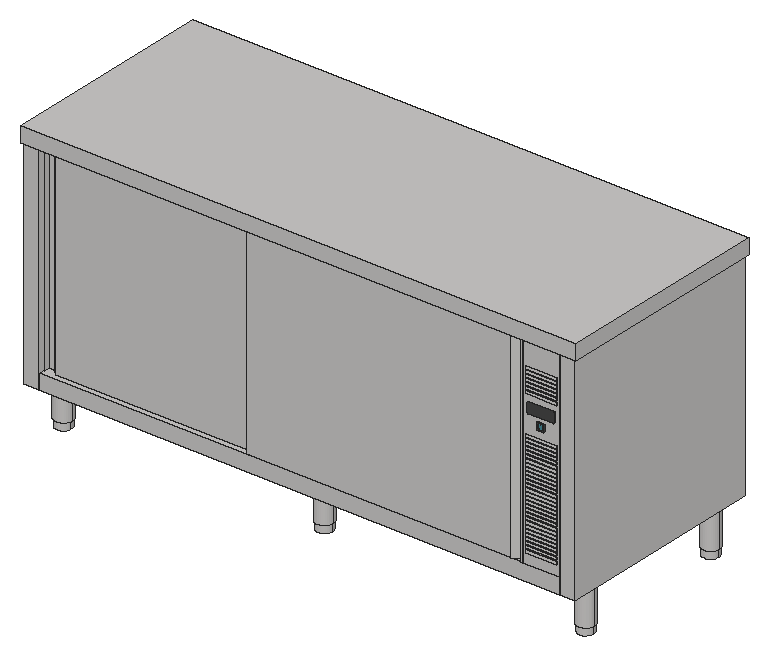
Revit family "QF_ELECTROLUXPROFESSIONAL_132789_MTC1800PN", category Attrezzature speciali, Revit 2020
Family settings
  Quota connettore circolare = Usa diametro
  Tipo di parte = Normale
  Basato su piano di lavoro = No
  Sempre verticale = Sì
  Taglio con vuoti quando caricato = No
  Condiviso = No
  Punto di calcolo locali = No
Parameters (values of type "Standard")
  Weight = 70.00 kg
  Watts = 2400 W
  Volts = 220 V
  URL Manufacturer = "https://www.electroluxprofessional.com/"
  URL = "https://www.electroluxprofessional.com/"
  Steam Supply Size = 0 mm
  Steam Supply Minimum Pressure = 0.0 Pa
  Steam Supply Maximum Pressure = 0.0 Pa
  Steam Consumption per Hour = 0
  Refrigeration Suction Line Size = 0.0 mm
  Refrigeration Liquid Line Size = 0.0 mm
  Refrigerant Compressor Remote = yes
  Prospetto di default = 0.0 mm
  Produttore = "Electrolux Professional"
  Phase = 1
  Modello = "MTC1800PN"
  Length Actual = 1800.0 mm  # constant formula
  Item Number = "132789"
  Hot Water Size = 0 mm
  Height Actual = 900.0 mm  # constant formula
  HP = "3.2 HP"
  Gas Size = 0 mm
  Gas KW = 0
  Gas Input Pressure = 0 W
  Direct Waste Size = 0 mm
  Descrizione = "HOT CUPB.VENTIL.+SHELF+SLIDING D. 1800MM"
  Depth Actual = 700.0 mm  # constant formula
  Cycle = 50 Hz
  Condensate Return Size = 0 mm
  Compressed Air Volume = 0.0 L/s
  Compressed Air Size = 0 mm
  Compressed Air Pressure = 0.0 Pa
  Cold Water Size = 0 mm
  Accessory = yes
Reference planes
  plane 1 "Center (Front/Back)": y = 0
  plane 2: z = 0
  plane 3 "Center (Left/Right)": x = -400
  plane 4 "LEFT": x = -1300
  plane 5 "RIGHT": x = 500
  plane 6 "BACK": y = 350
  plane 7 "FRONT": y = -350
  plane 8 "Base": z = 850
  plane 9 "TOP": z = 900
  plane 10: x = -1246.5
  plane 11: x = 446.5
  plane 12: y = 264.5
  plane 13: y = -241.5
  plane 14 "BodyLeft": x = -1294.5
  plane 15 "BodyFront": y = -344.5
  plane 16 "BodyRight": x = 494.5
  plane 17 "BodyBack": y = 344.5
  plane 18 "FEET": z = 150
  plane 19: x = 324.5
  plane 20: x = -461
  plane 21: x = 444.5
  plane 22 "EIx": x = 400
  plane 23 "EIy": y = -170
Forms (mm)
  Extrusion 1, solid, material "QF_Finishes_Stainless Steel"
    sketch origin (-400, 0, 0) x (0, 1, 0) y (0, 0, 1)
      loop
        line (-350, 850) -> (350, 850) -> (350, 900) -> (-350, 900) -> (-350, 850)
    from 900 to -900
  Extrusion 2, solid, material "QF_Finishes_Stainless Steel"
    sketch origin (0, 0, 150) x (-1, 0, 0) y (0, -1, 0)
      loop
        line (1294.5, -344.5) -> (1294.5, 344.5) -> (1244.5, 344.5) -> (1244.5, -344.5) -> (1294.5, -344.5)
      loop
        line (-444.5, -344.5) -> (-444.5, 344.5) -> (-494.5, 344.5) -> (-494.5, -344.5) -> (-444.5, -344.5)
    from 0 to 700
  Extrusion 3, solid, material "QF_Finishes_Stainless Steel"
    sketch origin (0, 0, 150) x (-1, 0, 0) y (0, -1, 0)
      loop
        line (1244.5, -344.5) -> (1244.5, 344.5) -> (-444.5, 344.5) -> (-444.5, -344.5) -> (1244.5, -344.5)
    from 0 to 50
  Extrusion 4, solid, material "QF_Finishes_Stainless Steel"
    sketch origin (-1, 0, 150) x (-1, 0, 0) y (0, -1, 0)
      loop
        line (-325.5, 344.5) -> (-325.5, 324.5) -> (570.5, 324.5) -> (570.5, 344.5) -> (-285.5, 344.5) -> (-305.5, 329.5) -> (-320.5, 329.5) -> (-320.5, 344.5) -> (-325.5, 344.5)
    from 50 to 700
  Extrusion 5, solid, material "QF_Finishes_Stainless Steel"
    sketch origin (1, 20, 150) x (1, 0, 0) y (0, 1, 0)
      loop
        line (-1245.5, -344.5) -> (-1240.5, -344.5) -> (-1240.5, -329.5) -> (-1225.5, -329.5) -> (-1205.5, -344.5) -> (-351.5, -344.5) -> (-351.5, -324.5) -> (-1245.5, -324.5) -> (-1245.5, -344.5)
    from 50 to 700
  Extrusion 6, solid, material "QF_Finishes_Stainless Steel"
    sketch origin (0, 0, 0) x (1, 0, 0) y (0, 1, 0)
      loop
        line (-1244.5, -304.5) -> (324.5, -304.5) -> (324.5, 324.5) -> (-1244.5, 324.5) -> (-1244.5, -304.5)
    from 500 to 540
  Extrusion 7, solid, material "QF_Finishes_Stainless Steel"
    sketch origin (0, 0, 0) x (1, 0, 0) y (0, 1, 0)
      loop
        line (444.5, 344.5) -> (-1244.5, 344.5) -> (-1244.5, 324.5) -> (444.5, 324.5) -> (444.5, 344.5)
    from 200 to 850
  Extrusion 8, solid, material "QF_Finishes_Stainless Steel"
    sketch origin (0, 0, 150) x (-1, 0, 0) y (0, -1, 0)
      loop
        circle (-400, 170) r 10
    from 0 to -5
Cuts and joins
  joined: Extrusion 3, Extrusion 7
Lines and regions (mm)
  symbolic lines
    curve 1: line (500, 350, 900) -> (-1300, 350, 900)
    curve 2: line (-1300, 350, 900) -> (-1300, -350, 900)
    curve 3: line (-1300, -350, 900) -> (500, -350, 900)
    curve 4: line (500, -350, 900) -> (500, 350, 900)
  symbolic lines, style "SpecialityEquipmentHiddenLines"
    curve 5: line (-1294.5, 344.5, 150) -> (494.5, 344.5, 150)
    curve 6: line (-1294.5, -344.5, 150) -> (-1294.5, 344.5, 150)
    curve 7: line (494.5, -344.5, 150) -> (-1294.5, -344.5, 150)
    curve 8: line (494.5, 344.5, 150) -> (494.5, -344.5, 150)
    curve 9: line (-1245.5, -304.5, 150) -> (-349.5, -304.5, 150)
    curve 10: line (-349.5, -304.5, 150) -> (-349.5, -324.5, 150)
    curve 11: line (-1245.5, -324.5, 150) -> (444.5, -324.5, 150)
    curve 12: line (444.5, -324.5, 150) -> (444.5, -344.5, 150)
    curve 13: line (-1245.5, -304.5, 150) -> (-1245.5, -324.5, 150)
    curve 14: line (-571.5, -344.5, 0) -> (-571.5, -324.5, 0)
Dimensions and locks
  plane 4 "LEFT" to plane 5 "RIGHT" = 1800.0 mm
  equal spacing: plane 4 "LEFT", plane 3 "Center (Left/Right)", plane 5 "RIGHT"
  locked: plane 8 "Base" to level at 850
  plane 9 "TOP" to level = 900.0 mm
  plane 6 "BACK" to plane 7 "FRONT" = 700.0 mm
  equal spacing: plane 6 "BACK", plane 1 "Center (Front/Back)", plane 7 "FRONT"
  locked: plane 4 "LEFT" to plane 14 "BodyLeft" at 5.5
  locked: plane 16 "BodyRight" to plane 5 "RIGHT" at 5.5
  locked: plane 15 "BodyFront" to plane 7 "FRONT" at 5.5
  locked: plane 6 "BACK" to plane 17 "BodyBack" at 5.5
  locked: plane 14 "BodyLeft" to plane 10 at 48
  locked: plane 11 to plane 16 "BodyRight" at 48
  locked: plane 13 to plane 15 "BodyFront" at 103
  locked: plane 17 "BodyBack" to plane 12 at 80
  plane 10 to plane 11 = 1693.0 mm
  plane 12 to plane 13 = 506.0 mm
  locked: plane 14 "BodyLeft" to Extrusion 2 sketch curve at 50
  locked: Extrusion 2 sketch curve to Extrusion 2 sketch curve at 50
  equal spacing: plane 10, plane 20, plane 19
  locked: plane 21 to plane 16 "BodyRight" at 50
  locked: plane 19 to plane 21 at 120
  locked: Extrusion 4 sketch curve to plane 20 at 110.5
  locked: plane 20 to Extrusion 5 sketch curve at 110.5
  locked: plane 18 "FEET" to level at 150
  locked: plane 22 "EIx" to plane 5 "RIGHT" at 100
  plane 23 "EIy" to plane 7 "FRONT" = 180.0 mm
  aligned and locked: level to plane 2
  aligned and locked: plane 10 to nested 1
  aligned and locked: nested 1 to plane 13
  aligned and locked: plane 11 to nested 2
  aligned and locked: nested 2 to plane 13
  aligned and locked: plane 11 to nested 4
  aligned and locked: nested 4 to plane 12
  aligned and locked: plane 10 to nested 3
  aligned and locked: nested 3 to plane 12
  aligned and locked: Extrusion 1 to plane 4 "LEFT"
  aligned and locked: plane 5 "RIGHT" to Extrusion 1
  aligned and locked: curve 2 to plane 4 "LEFT"
  aligned and locked: plane 17 "BodyBack" to Extrusion 2 sketch curve
  aligned and locked: Extrusion 2 sketch curve to plane 15 "BodyFront"
  aligned and locked: Extrusion 2 sketch curve to plane 14 "BodyLeft"
  aligned and locked: plane 16 "BodyRight" to Extrusion 2 sketch curve
  aligned and locked: Extrusion 2 sketch curve to plane 17 "BodyBack"
  aligned and locked: plane 15 "BodyFront" to Extrusion 2 sketch curve
  aligned and locked: Extrusion 3 sketch curve to plane 17 "BodyBack"
  aligned and locked: plane 15 "BodyFront" to Extrusion 3 sketch curve
  aligned and locked: plane 8 "Base" to Extrusion 2
  aligned and locked: plane 8 "Base" to Extrusion 4
  aligned and locked: Extrusion 4 to Extrusion 3
  aligned and locked: Extrusion 1 to plane 8 "Base"
  aligned and locked: plane 9 "TOP" to Extrusion 1
  aligned and locked: curve 5 to plane 17 "BodyBack"
  aligned and locked: plane 14 "BodyLeft" to curve 6
  aligned and locked: plane 15 "BodyFront" to curve 7
  aligned and locked: plane 16 "BodyRight" to curve 8
  aligned and locked: Extrusion 3 to Extrusion 2  (x2)
  aligned and locked: Extrusion 6 sketch curve to Extrusion 2
  aligned and locked: Extrusion 6 sketch curve to Extrusion 5
  aligned and locked: nested 5 to plane 21
  aligned and locked: Extrusion 7 sketch curve to Extrusion 2
  aligned and locked: Extrusion 6 sketch curve to plane 19
  aligned and locked: plane 3 "Center (Left/Right)" to nested 6
  aligned and locked: plane 3 "Center (Left/Right)" to nested 7
Automatic sketch dimensions
  curve 14 to plane 15 "BodyFront" = 0.0 mm
  plane 15 "BodyFront" to curve 14 = 20.0 mm
  curve 14 to plane 20 = 110.5 mm
  curve 3 to plane 7 "FRONT" = 0.0 mm
  curve 4 to plane 6 "BACK" = 0.0 mm
  Extrusion 1 sketch curve to plane 7 "FRONT" = 0.0 mm
  Extrusion 1 sketch curve to plane 6 "BACK" = 0.0 mm
  Extrusion 1 sketch curve to plane 8 "Base" = 0.0 mm
  Extrusion 1 sketch curve to plane 9 "TOP" = 0.0 mm
  Extrusion 3 sketch curve to plane 21 = 0.0 mm
  plane 10 to Extrusion 3 sketch curve = 2.0 mm
  Extrusion 4 sketch curve to plane 19 = 0.0 mm
  Extrusion 4 sketch curve to plane 15 "BodyFront" = 0.0 mm  (x2)
  Extrusion 4 sketch curve to Extrusion 4 sketch curve = 5.0 mm
  Extrusion 4 sketch curve to Extrusion 4 sketch curve = 15.0 mm  (x2)
  Extrusion 4 sketch curve to Extrusion 4 sketch curve = 20.0 mm  (x2)
  Extrusion 5 sketch curve to plane 15 "BodyFront" = 20.0 mm  (x2)
  Extrusion 5 sketch curve to plane 10 = 42.0 mm
  Extrusion 5 sketch curve to plane 10 = 22.0 mm
  Extrusion 5 sketch curve to plane 10 = 7.0 mm
  Extrusion 5 sketch curve to plane 10 = 2.0 mm
  Extrusion 5 sketch curve to Extrusion 5 sketch curve = 15.0 mm
  Extrusion 5 sketch curve to Extrusion 5 sketch curve = 20.0 mm
  curve 12 to plane 21 = 0.0 mm
  curve 7 to plane 15 "BodyFront" = 0.0 mm
  plane 3 "Center (Left/Right)" to curve 9 = 50.5 mm
  plane 10 to curve 11 = 1.0 mm
  plane 15 "BodyFront" to curve 9 = 40.0 mm
  curve 11 to curve 12 = 20.0 mm
  plane 12 to Extrusion 6 sketch curve = 60.0 mm
  Extrusion 7 sketch curve to plane 17 "BodyBack" = 0.0 mm
  Extrusion 7 sketch curve to plane 21 = 0.0 mm
  Extrusion 7 sketch curve to plane 17 "BodyBack" = 20.0 mm
  curve 4 to plane 5 "RIGHT" = 0.0 mm
  Extrusion 8 sketch curve to plane 22 "EIx" = 0.0 mm
  Extrusion 8 sketch curve to plane 23 "EIy" = 0.0 mm
  radius of Extrusion 8 sketch curve = 10.0 mm
Nested families
  nested 1: "FEET_D58-150" at (-1246.5, -241.5, 0), type "FEET_D58-150"
  nested 2: "FEET_D58-150" at (446.5, -241.5, 0), type "FEET_D58-150"
  nested 3: "FEET_D58-150" at (-1246.5, 264.5, 0), type "FEET_D58-150"
  nested 4: "FEET_D58-150" at (446.5, 264.5, 0), type "FEET_D58-150"
  nested 5: "WT_PNL120x650" at (531.42, -304.5, 600) x (1, 0, 0) z (0, -1, 0), type "WT_PNL120x650"
    with Show Logo yes
  nested 6: "FEET_D58-150" at (-400, -241.5, 0), type "FEET_D58-150"
  nested 7: "FEET_D58-150" at (-400, 264.5, 0), type "FEET_D58-150"
Connectors
  electrical at (400, -170, 145)
    settings: on Extrusion 8, index 1, voltage 0 V, apparent load 0 VA, apparent load phase1 0 VA, apparent load phase2 0 VA, apparent load phase3 0 VA, power factor 1, load classification "Other", number of poles 1, system type 30, power factor state 1, is connector primary yes, connector utility no, sub classification motor no, connector description "Electrical connection"
Definition of nested family "FEET_D58-150"
  Parameters
    Default Elevation = 0.0 mm
    FEET = 150.0 mm
  Reference planes
    plane 1 "Center (Front/Back)": y = 0
    plane 2: z = 0
    plane 3 "Center (Left/Right)": x = 0
    plane 4: z = 150
  Forms (mm)
    Extrusion 1, solid
      sketch origin (0, 0, 0) x (1, 0, 0) y (0, 1, 0)
        loop
          circle (0, 0) r 25
      from 0 to 25
    Extrusion 2, solid
      sketch origin (0, 0, 0) x (1, 0, 0) y (0, 1, 0)
        loop
          circle (0.061, 0) r 29
      from 25 to 150 <- "FEET"
  Lines and regions (mm)
    symbolic lines
      curve 1: line (0, -1.503, 0) -> (0, 1.508, 0)
      curve 2: line (1.561, 0, 0) -> (-1.439, 0, 0)
  Dimensions and locks
    "FEET": plane 4 to plane 2
    aligned and locked: level to plane 2
  Automatic sketch dimensions
    plane 1 "Center (Front/Back)" to Extrusion 1 sketch curve = 0.0 mm
    Extrusion 1 sketch curve to plane 3 "Center (Left/Right)" = 0.0 mm
    plane 1 "Center (Front/Back)" to curve 2 = 0.0 mm
    curve 1 to plane 3 "Center (Left/Right)" = 0.0 mm
    curve 2 to plane 3 "Center (Left/Right)" = 1.439 mm
    plane 3 "Center (Left/Right)" to curve 2 = 1.561 mm
    plane 1 "Center (Front/Back)" to curve 1 = 1.503 mm
    curve 1 to plane 1 "Center (Front/Back)" = 1.508 mm
    plane 1 "Center (Front/Back)" to Extrusion 2 sketch curve = 0.0 mm
    plane 3 "Center (Left/Right)" to Extrusion 2 sketch curve = 0.061 mm
    radius of Extrusion 1 sketch curve = 25.0 mm
    radius of Extrusion 2 sketch curve = 29.0 mm
Definition of nested family "WT_PNL120x650"
  Parameters
    Show Logo [instance] = yes
    Default Elevation = 1219.2 mm
  Reference planes
    plane 1 "Center (Front/Back)": y = -75
    plane 2: z = 0
    plane 3 "Center (Left/Right)": x = -146.92
    plane 4: x = -206.92
    plane 5: x = -86.92
    plane 6: y = 250
    plane 7: y = -400
    plane 8 "TOP": z = 40
  Forms (mm)
    Extrusion 1, solid
      sketch origin (0, 0, 0) x (1, 0, 0) y (0, 1, 0)
        loop
          line (-1219.2, 1219.2) -> (-1219.2, -1219.2) -> (1219.2, -1219.2) -> (1219.2, 1219.2) -> (-1219.2, 1219.2)
      from 0 to -304.8
    Extrusion 2, solid
      sketch origin (0, 0, 0) x (1, 0, 0) y (0, 1, 0)
        loop
          line (-206.92, 250) -> (-206.92, -400) -> (-86.92, -400) -> (-86.92, 250) -> (-206.92, 250)
      from 0 to 40
    Extrusion 3, void
      sketch origin (0, 0, 40) x (-1, 0, 0) y (0, -1, 0)
        loop
          arc (101.92, -68.899) -> (103.795, -73.256) -> (108.247, -74.89) r 6
          line (108.247, -74.89) -> (185.92, -74.89)
          arc (185.92, -74.89) -> (190.163, -73.133) -> (191.92, -68.89) r 6
          line (191.92, -68.89) -> (191.92, -45.89)
          arc (191.92, -45.89) -> (190.163, -41.648) -> (185.92, -39.89) r 6
          line (185.92, -39.89) -> (107.92, -39.89)
          arc (107.92, -39.89) -> (103.677, -41.648) -> (101.92, -45.89) r 6
          line (101.92, -45.89) -> (101.92, -68.899)
        loop
          line (158.92, -27.89) -> (158.92, -2.89) -> (134.92, -2.89) -> (134.92, -27.89) -> (158.92, -27.89)
      from -2 to 0
    Extrusion 4, solid
      sketch origin (0, 0, 40) x (-1, 0, 0) y (0, -1, 0)
        loop
          line (185.92, -39.89) -> (107.92, -39.89)
          arc (107.92, -39.89) -> (103.677, -41.648) -> (101.92, -45.89) r 6
          line (101.92, -45.89) -> (101.92, -68.899)
          arc (101.92, -68.899) -> (103.795, -73.256) -> (108.247, -74.89) r 6
          line (108.247, -74.89) -> (185.92, -74.89)
          arc (185.92, -74.89) -> (190.163, -73.133) -> (191.92, -68.89) r 6
          line (191.92, -68.89) -> (191.92, -45.89)
          arc (191.92, -45.89) -> (190.163, -41.648) -> (185.92, -39.89) r 6
      from -2 to 1
    Extrusion 5, solid
      sketch origin (-146.92, 0, 0) x (0, 1, 0) y (0, 0, 1)
        loop
          line (95.896, 40) -> (104.899, 40) -> (95.896, 41.206) -> (95.896, 40)
        loop
          line (107.896, 40) -> (116.899, 40) -> (107.896, 41.206) -> (107.896, 40)
        loop
          line (119.896, 40) -> (128.899, 40) -> (119.896, 41.206) -> (119.896, 40)
        loop
          line (131.896, 40) -> (140.899, 40) -> (131.896, 41.206) -> (131.896, 40)
        loop
          line (143.896, 40) -> (152.899, 40) -> (143.896, 41.206) -> (143.896, 40)
        loop
          line (155.896, 40) -> (164.899, 40) -> (155.896, 41.206) -> (155.896, 40)
        loop
          line (167.896, 40) -> (176.899, 40) -> (167.896, 41.206) -> (167.896, 40)
        loop
          line (-102.104, 40) -> (-93.101, 40) -> (-102.104, 41.206) -> (-102.104, 40)
        loop
          line (-90.104, 40) -> (-81.101, 40) -> (-90.104, 41.206) -> (-90.104, 40)
        loop
          line (-78.104, 40) -> (-69.101, 40) -> (-78.104, 41.206) -> (-78.104, 40)
        loop
          line (-66.104, 40) -> (-57.101, 40) -> (-66.104, 41.206) -> (-66.104, 40)
        loop
          line (-54.104, 40) -> (-45.101, 40) -> (-54.104, 41.206) -> (-54.104, 40)
        loop
          line (-42.104, 40) -> (-33.101, 40) -> (-42.104, 41.206) -> (-42.104, 40)
        loop
          line (-30.104, 40) -> (-21.101, 40) -> (-30.104, 41.206) -> (-30.104, 40)
        loop
          line (-174.104, 40) -> (-165.101, 40) -> (-174.104, 41.206) -> (-174.104, 40)
        loop
          line (-162.104, 40) -> (-153.101, 40) -> (-162.104, 41.206) -> (-162.104, 40)
        loop
          line (-150.104, 40) -> (-141.101, 40) -> (-150.104, 41.206) -> (-150.104, 40)
        loop
          line (-138.104, 40) -> (-129.101, 40) -> (-138.104, 41.206) -> (-138.104, 40)
        loop
          line (-126.104, 40) -> (-117.101, 40) -> (-126.104, 41.206) -> (-126.104, 40)
        loop
          line (-114.104, 40) -> (-105.101, 40) -> (-114.104, 41.206) -> (-114.104, 40)
        loop
          line (-246.104, 40) -> (-237.101, 40) -> (-246.104, 41.206) -> (-246.104, 40)
        loop
          line (-234.104, 40) -> (-225.101, 40) -> (-234.104, 41.206) -> (-234.104, 40)
        loop
          line (-222.104, 40) -> (-213.101, 40) -> (-222.104, 41.206) -> (-222.104, 40)
        loop
          line (-210.104, 40) -> (-201.101, 40) -> (-210.104, 41.206) -> (-210.104, 40)
        loop
          line (-198.104, 40) -> (-189.101, 40) -> (-198.104, 41.206) -> (-198.104, 40)
        loop
          line (-186.104, 40) -> (-177.101, 40) -> (-186.104, 41.206) -> (-186.104, 40)
        loop
          line (-318.104, 40) -> (-309.101, 40) -> (-318.104, 41.206) -> (-318.104, 40)
        loop
          line (-306.104, 40) -> (-297.101, 40) -> (-306.104, 41.206) -> (-306.104, 40)
        loop
          line (-294.104, 40) -> (-285.101, 40) -> (-294.104, 41.206) -> (-294.104, 40)
        loop
          line (-282.104, 40) -> (-273.101, 40) -> (-282.104, 41.206) -> (-282.104, 40)
        loop
          line (-270.104, 40) -> (-261.101, 40) -> (-270.104, 41.206) -> (-270.104, 40)
        loop
          line (-258.104, 40) -> (-249.101, 40) -> (-258.104, 41.206) -> (-258.104, 40)
        loop
          line (-366.104, 40) -> (-357.101, 40) -> (-366.104, 41.206) -> (-366.104, 40)
        loop
          line (-354.104, 40) -> (-345.101, 40) -> (-354.104, 41.206) -> (-354.104, 40)
        loop
          line (-342.104, 40) -> (-333.101, 40) -> (-342.104, 41.206) -> (-342.104, 40)
        loop
          line (-330.104, 40) -> (-321.101, 40) -> (-330.104, 41.206) -> (-330.104, 40)
      from -50 to 50
    Extrusion 6, solid
      sketch origin (0, 0, 40) x (-1, 0, 0) y (0, -1, 0)
        loop
          line (134.92, -27.89) -> (158.92, -27.89) -> (158.92, -2.89) -> (134.92, -2.89) -> (134.92, -27.89)
        loop
          circle (146.92, -15.39) r 9
      from -2 to 3
    Extrusion 7, solid
      sketch origin (0, 0, 40) x (-1, 0, 0) y (0, -1, 0)
        loop
          circle (146.92, -15.39) r 9
      from 0 to 3
  Cuts and joins
    Extrusion 3 cuts Extrusion 2
  Dimensions and locks
    equal spacing: plane 6, plane 1 "Center (Front/Back)", plane 7
    equal spacing: plane 4, plane 3 "Center (Left/Right)", plane 5
    plane 8 "TOP" to level = 40.0 mm
    aligned and locked: plane 2 to Extrusion 1
    aligned and locked: level to Extrusion 1
  Automatic sketch dimensions
    Extrusion 1 sketch curve to Extrusion 1 sketch curve = 2438.4 mm  (x2)
    Extrusion 2 sketch curve to plane 4 = 0.0 mm
    Extrusion 2 sketch curve to plane 5 = 0.0 mm
    Extrusion 2 sketch curve to plane 7 = 0.0 mm
    Extrusion 2 sketch curve to plane 6 = 0.0 mm
    Extrusion 5 sketch curve to plane 8 "TOP" = 0.0 mm  (x36)
    Extrusion 5 sketch curve to Extrusion 5 sketch curve = 9.003 mm  (x35)
    plane 8 "TOP" to Extrusion 5 sketch curve = 1.206 mm  (x22)
    Extrusion 5 sketch curve to Extrusion 5 sketch curve = 2.997 mm  (x33)
    plane 1 "Center (Front/Back)" to Extrusion 5 sketch curve = 6.101 mm
    plane 1 "Center (Front/Back)" to Extrusion 5 sketch curve = 3.104 mm
    Extrusion 5 sketch curve to plane 1 "Center (Front/Back)" = 5.899 mm
    Extrusion 5 sketch curve to Extrusion 5 sketch curve = 116.997 mm
    Extrusion 5 sketch curve to Extrusion 5 sketch curve = 1.206 mm  (x14)
    Extrusion 4 sketch curve to plane 5 = 15.0 mm
    Extrusion 4 sketch curve to Extrusion 4 sketch curve = 6.0 mm  (x3)
    Extrusion 4 sketch curve to Extrusion 4 sketch curve = 0.327 mm
    plane 4 to Extrusion 4 sketch curve = 21.0 mm  (x2)
    Extrusion 4 sketch curve to plane 1 "Center (Front/Back)" = 149.89 mm
    Extrusion 4 sketch curve to Extrusion 4 sketch curve = 23.009 mm
    Extrusion 3 sketch curve to plane 5 = 15.0 mm
    Extrusion 3 sketch curve to Extrusion 3 sketch curve = 6.0 mm  (x3)
    Extrusion 3 sketch curve to Extrusion 3 sketch curve = 0.327 mm
    plane 3 "Center (Left/Right)" to Extrusion 3 sketch curve = 12.0 mm
    Extrusion 3 sketch curve to plane 3 "Center (Left/Right)" = 12.0 mm
    plane 4 to Extrusion 3 sketch curve = 21.0 mm  (x2)
    Extrusion 3 sketch curve to plane 1 "Center (Front/Back)" = 149.89 mm
    Extrusion 3 sketch curve to Extrusion 3 sketch curve = 23.0 mm
    Extrusion 3 sketch curve to Extrusion 3 sketch curve = 12.0 mm
    Extrusion 3 sketch curve to Extrusion 3 sketch curve = 25.0 mm
    Extrusion 6 sketch curve to plane 3 "Center (Left/Right)" = 0.0 mm
    plane 3 "Center (Left/Right)" to Extrusion 6 sketch curve = 12.0 mm
    Extrusion 6 sketch curve to plane 3 "Center (Left/Right)" = 12.0 mm
    Extrusion 6 sketch curve to plane 1 "Center (Front/Back)" = 102.89 mm
    Extrusion 6 sketch curve to Extrusion 6 sketch curve = 12.5 mm  (x2)
    Extrusion 7 sketch curve to plane 3 "Center (Left/Right)" = 0.0 mm
    Extrusion 7 sketch curve to plane 1 "Center (Front/Back)" = 90.39 mm
    radius of Extrusion 6 sketch curve = 9.0 mm
    radius of Extrusion 7 sketch curve = 9.0 mm
